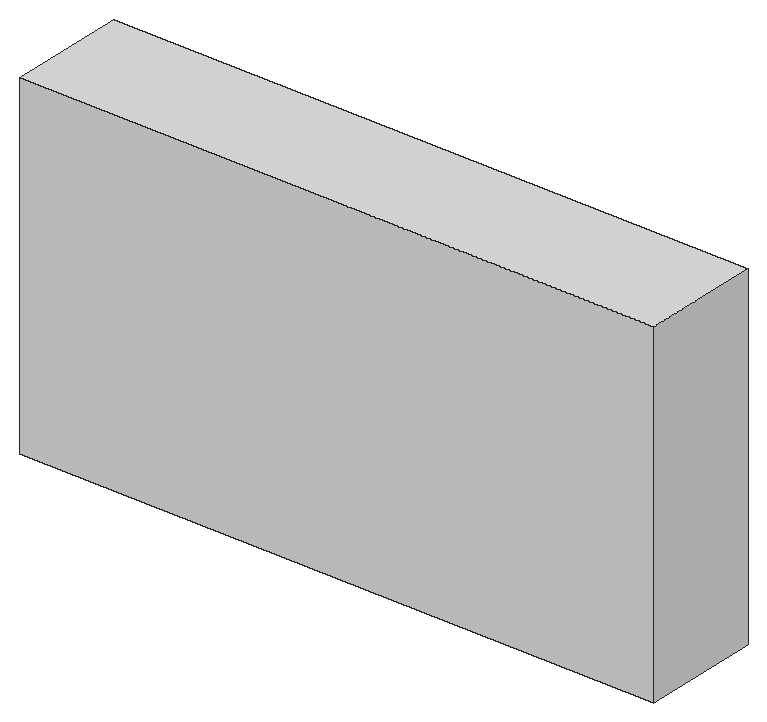
Revit family "Kubus ER-AP LED Sentr (veggmontasje)", category Lighting Fixtures, Revit 2013
Parameters (values of type "Type 1")
  Wattage = 9.2903 W
  built-in parameter 1150110 = 1 (stored number, unit not read)
  built-in parameter 1114217 = 1 (stored number, unit not read)
  Tilt Angle = 90.00°
  built-in parameter 1150109 = 1 (stored number, unit not read)
  built-in parameter 1150134 = 3
  built-in parameter 1150113 = 1 (stored number, unit not read)
  Photometric Web File = "2x4 3Lamp.ies"
  Number of Poles = 1
  Symbol Positive Direction [instance] = yes
  built-in parameter 1150105 = 109.82 (stored number, unit not read)
  Lumens = 1380 lm
  built-in parameter 1150115 = 1 (stored number, unit not read)
  built-in parameter 1150137 = (empty or 0)
  built-in parameter 1150139 = (empty or 0)
  built-in parameter 1150112 = 1 (stored number, unit not read)
  built-in parameter 1150114 = 1 (stored number, unit not read)
  built-in parameter 1150132 = (empty or 0)
  built-in parameter 1150102 = (empty or 0)
  built-in parameter 1150107 = 3200 (stored number, unit not read)
  built-in parameter 1150138 = (empty or 0)
  built-in parameter 1150106 = 1.0982 (stored number, unit not read)
  Height = 70 mm
  Voltage = 230 V
  Symbol Offset Side [instance] = 0 mm
  Symbol Offset Out [instance] = 0 mm
  Material = Plastic - White
  Loads [instance] = 0 VA
  Length B = 200 mm
  Length A = 376 mm
  Glass Material = Plastic - Glass
  Emit from Rectangle Width = Length B  # 200 mm
  Emit from Rectangle Length = Length A  # 376 mm
  Emit Shape Visible in Rendering = no
  built-in parameter 1150104 = 13.8 (stored number, unit not read)
  Dimming Lamp Color Temperature Shift = <None>
  Color Filter = 16777215
  built-in parameter 1114218 = 1 (stored number, unit not read)
  built-in parameter 1150133 = 10 (stored number, unit not read)
Reference planes
  plane 1 "Light Source Axis (F/B)": y = 0
  plane 2: z = 0
  plane 3 "Light Source Axis (L/R)": x = 0
  plane 4 "Light Source Elevation": z = 0
  plane 5: z = -100
  plane 6: y = 70
  plane 7: y = 67
  plane 8: y = 10
  plane 9: x = -188
  plane 10: x = 188
  plane 11: z = 100
  plane 12: x = -178
  plane 13: z = 90
  plane 14: x = 178
  plane 15: z = -90
Forms (mm)
  Extrusion 1, solid, material "Plastic - White" <- "Material"
    sketch origin (0, 0, 0) x (1, 0, 0) y (0, 0, 1)
      loop
        line (-188, 100) -> (-188, -100) -> (188, -100) -> (188, 100) -> (-188, 100)
      loop
        line (-178, 90) -> (-178, -90) -> (178, -90) -> (178, 90) -> (-178, 90)
    from -10 to -70
  Extrusion 2, solid, material "Plastic - White" <- "Material"
    sketch origin (0, 0, 0) x (1, 0, 0) y (0, 1, 0)
      loop
        line (-188, 10) -> (-188, 0) -> (188, 0) -> (188, 10) -> (-188, 10)
    from -100 to 100
  Extrusion 3, solid, material "Plastic - Glass" <- "Glass Material"
    sketch origin (0, 0, 0) x (1, 0, 0) y (0, 0, 1)
      loop
        line (-178, 90) -> (-178, -90) -> (178, -90) -> (178, 90) -> (-178, 90)
    from -70 to -67
Cuts and joins
  joined: Extrusion 1, Extrusion 2
Lines and regions (mm)
  model lines, style "InvisibleLines"
    curve 1: line (0, 0, 0) -> (0, 0, -97)
Dimensions and locks
  plane 4 "Light Source Elevation" to plane 2 = 0 mm
  locked: plane 6 to plane 7 at 3
  "Height": plane 6 to plane 1 "Light Source Axis (F/B)"
  locked: plane 8 to plane 1 "Light Source Axis (F/B)" at 10
  equal spacing: plane 11, plane 4 "Light Source Elevation", plane 5
  equal spacing: plane 10, plane 3 "Light Source Axis (L/R)", plane 9
  "Length A": plane 10 to plane 9
  "Length B": plane 11 to plane 5
  locked: plane 11 to plane 13 at 10
  locked: plane 10 to plane 14 at 10
  locked: plane 12 to plane 9 at 10
  locked: plane 15 to plane 5 at 10
  aligned and locked: plane 2 to level
  aligned and locked: plane 1 "Light Source Axis (F/B)" to nested 1
  aligned and locked: plane 3 "Light Source Axis (L/R)" to nested 1
  aligned and locked: imposter light to plane 3 "Light Source Axis (L/R)"
  aligned and locked: Extrusion 1 sketch curve to plane 11
  aligned and locked: plane 9 to Extrusion 1 sketch curve
  aligned and locked: plane 5 to Extrusion 1 sketch curve
  aligned and locked: Extrusion 1 sketch curve to plane 10
  aligned and locked: Extrusion 1 sketch curve to plane 13
  aligned and locked: plane 12 to Extrusion 1 sketch curve
  aligned and locked: plane 15 to Extrusion 1 sketch curve
  aligned and locked: Extrusion 1 sketch curve to plane 14
  aligned and locked: plane 6 to Extrusion 1
  aligned and locked: Extrusion 1 to plane 8
  aligned and locked: Extrusion 2 sketch curve to Extrusion 1  (x2)
  aligned and locked: Extrusion 2 sketch curve to plane 1 "Light Source Axis (F/B)"
  aligned and locked: Extrusion 2 sketch curve to plane 10
  aligned and locked: plane 11 to Extrusion 2
  aligned and locked: Extrusion 2 to plane 5
  aligned and locked: plane 15 to Extrusion 3 sketch curve
  aligned and locked: plane 12 to Extrusion 3 sketch curve
  aligned and locked: Extrusion 3 sketch curve to plane 13
  aligned and locked: Extrusion 3 sketch curve to plane 14
  aligned and locked: plane 6 to Extrusion 3
  aligned and locked: Extrusion 3 to plane 7
  aligned and locked: plane 6 to imposter light
  aligned and locked: plane 4 "Light Source Elevation" to imposter light
Automatic sketch dimensions
  curve 1 to plane 3 "Light Source Axis (L/R)" = 0 mm
  plane 5 to curve 1 = 3 mm
  curve 1 to level = 0 mm
Nested families
  nested 1: "LedelysS" at (0, 0, 0), type "Type 1"
Connectors
  electrical at (0, 0, 0), driven by "Voltage", driven by "Loads", driven by "Number of Poles", driven by "Loads"
    settings: on plane 4 "Light Source Elevation", index 1, voltage 230 V, apparent load 0 VA, apparent load phase1 0 VA, apparent load phase2 0 VA, apparent load phase3 0 VA, power factor 1, load classification "Lighting", number of poles 1, system type 30, power factor state 1, is connector primary yes, connector utility no, sub classification motor no, connector description ""
Definition of nested family "LedelysS"
  Parameters (values of type "Type 1")
    CQ Symbol Positive Direction = yes
    CQ Symbol Negative Direction = not(CQ Symbol Positive Direction)  # no
    CQ Symbol Offset Side = 0 mm
    CQ Symbol Offset Out = 0 mm
  Reference planes
    plane 1: y = 0
    plane 2: x = 0
  Dimensions and locks
    "CQ Symbol Offset Out": plane 1 to nested 1
    "CQ Symbol Offset Out": plane 1 to nested 2
    "CQ Symbol Offset Side": plane 2 to nested 2
    "CQ Symbol Offset Side": nested 1 to plane 2
  Nested families
    nested 1: "LedelysSub" at (0, 0, 0), visible <- "CQ Symbol Negative Direction", type "Type 1"
    nested 2: "LedelysSub" at (0, 0, 0), visible <- "CQ Symbol Positive Direction", type "Type 1"
  Definition of nested family "LedelysSub"
    Reference planes
      plane 1: y = 0
      plane 2: x = 0
    Lines and regions (mm)
      detail lines
        curve 1: line (-4, 0, 0) -> (4, 0, 0)
        curve 2: line (4, 0, 0) -> (4, 4, 0)
        curve 3: line (4, 4, 0) -> (-4, 4, 0)
        curve 4: line (-4, 4, 0) -> (-4, 0, 0)
        curve 5: line (-3.097, 0.75, 0) -> (-0.597, 3.25, 0)
        curve 6: line (-3.097, 3.25, 0) -> (-0.597, 0.75, 0)
        curve 7: circle (-1.847, 2, 0) r 1.2 normal (0, 0, 1)
    Text (mm)
      text "LL" at (2.179, 3.025, 0)
